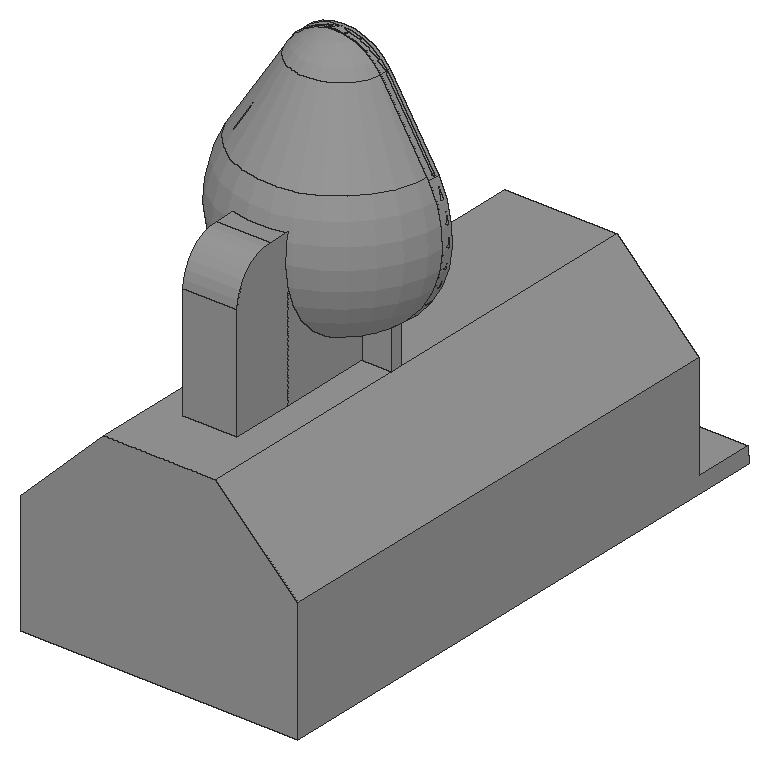
Revit family "Combination-Willoughby-ECW-1847-R-C-ON", category Plumbing Fixtures, Revit 2015
Parameters (values of type "Standard")
  Waste DIA = 2 3/8"
  Waste Connection = yes
  Vent Connection = no
  URL = "https://www.willoughby-ind.com/wp-content/uploads/2017/12/1847.pdf"
  Type Comments = ""
  Revision = "A"
  Lav Waste DIA = 1 1/2"
  Lav Waste Connection = yes
  HW Connection = no
  Flush Inlet DIA = 1 1/2"
  Flush Inlet Connection = yes
  Fixture Body = Stainless Steel AISI 304-Willoughby
  Model = "ECW-1847-R-C-ON"
  Manufacturer = "Willoughby Industries"
  Description = "1847 Combination Unit, Wall toilet waste outlet, Center toilet, Right Lav. Bowl, On Floor mounted"
  Default Elevation = 0' - 0"
  Contact = "(800) 428-4065"
  CW Connection = no
Reference planes (in)
  plane 1 "Center (Front/Back)": y = 0
  plane 2: z = 0
  plane 3 "Center (Left/Right)": x = 0
  plane 4: x = 3.59375
  plane 5: x = -3.59375
  plane 6: x = 9
  plane 7: x = -9
  plane 8: z = 7.9375
  plane 9: z = 13.25
  plane 10: z = 1.0625
  plane 11: x = -6.375
  plane 12: x = 2.25
  plane 13: y = 11.5
  plane 14: y = 15
  plane 15: y = 20.5
  plane 16: y = 24.5
  plane 17: z = 25.32253
  plane 18: z = 30.19753
  plane 19: x = 3
  plane 20: x = -3
  plane 21: z = -3
Forms (in)
  Extrusion 1, solid, material "Stainless Steel AISI 304-Willoughby" <- "Fixture Body"
    sketch origin (0, 0, 0) x (1, 0, 0) y (0, 0, 1)
      loop
        line (9, 0) -> (9, 7.9375) -> (3.6875, 13.25) -> (-3.59375, 13.25) -> (-9, 7.84375) -> (-9, 0) -> (9, 0)
    from 0 to -32.5
  Extrusion 2, solid, material "Stainless Steel AISI 304-Willoughby" <- "Fixture Body"
    sketch origin (0, 0, 0) x (1, 0, 0) y (0, 0, 1)
      loop
        line (9, 0) -> (9, 1.0625) -> (-9, 1.0625) -> (-9, 0) -> (9, 0)
    from -32.5 to -36.5
  Extrusion 3, void
    sketch origin (0, 0, 0) x (1, 0, 0) y (0, 0, 1)
      loop
        line (8.03033, 7.1394) -> (2.55026, 12.61861)
        arc (2.55026, 12.61861) -> (2.40417, 12.71659) -> (2.23166, 12.75101) r 0.44955
        line (2.23166, 12.75101) -> (0.18776, 12.75101)
        arc (0.18776, 12.75101) -> (-0.69647, 12.38474) -> (-1.06274, 11.50051) r 1.2505
        line (-1.06274, 11.50051) -> (-1.06274, 4.92717)
        arc (-1.06274, 4.92717) -> (-0.94854, 4.35308) -> (-0.62332, 3.86639) r 1.50011
        line (-0.62332, 3.86639) -> (0.06911, 3.1742)
        arc (0.06911, 3.1742) -> (0.6082, 2.81399) -> (1.24411, 2.6875) r 1.66169
        line (1.24411, 2.6875) -> (6.75, 2.6875)
        arc (6.75, 2.6875) -> (7.81066, 3.12684) -> (8.25, 4.1875) r 1.5
        line (8.25, 4.1875) -> (8.25, 6.60907)
        arc (8.25, 6.60907) -> (8.19291, 6.89609) -> (8.03033, 7.1394) r 0.75
    from -32.5 to -27
  Revolve 4, solid, material "Stainless Steel AISI 304-Willoughby" <- "Fixture Body"
    sketch origin (0, 11.5, -12.68404) x (0, 0, -1) y (-1, 0, 0)
      loop
        line (-9.68278, 0) -> (-14.18404, 0) -> (-14.18404, -1.1875) -> (-9.68278, -1.1875) -> (-9.68278, 0)
      axis (-14.18404, 0) -> (-9.68278, 0)
    angle from 0 to 360
  Revolve 5, solid, material "Stainless Steel AISI 304-Willoughby" <- "Fixture Body"
    sketch origin (0, 20.5, -12.68404) x (0, 0, -1) y (-1, 0, 0)
      loop
        line (-12.68215, 6.375) -> (-14.18404, 6.375) -> (-14.18404, 5.625) -> (-12.68215, 5.625) -> (-12.68215, 6.375)
      axis (-12.68215, 6.375) -> (-14.18404, 6.375)
    angle from 0 to 360
  Revolve 6, solid, material "Stainless Steel AISI 304-Willoughby" <- "Fixture Body"
    sketch origin (0, 24.5, -7.01223) x (0, 0, -1) y (-1, 0, 0)
      loop
        line (-4.01223, -2.25) -> (-8.51223, -2.25) -> (-8.51223, -3) -> (-4.01223, -3) -> (-4.01223, -2.25)
      axis (-4.01223, -2.25) -> (-8.51223, -2.25)
    angle from 0 to 360
  Revolve 7, solid, material "Stainless Steel AISI 304-Willoughby" <- "Fixture Body"
    sketch origin (0, 14.75, 9.06378) x (0, 0, -1) y (-1, 0, 0)
      loop
        arc (-16.25875, -6.02566) -> (-9.22764, -6.08019) -> (-5.69625, 0) r 7
        line (-5.69625, 0) -> (-6.19625, 0)
        arc (-6.19625, 0) -> (-9.4731, -5.64458) -> (-15.99973, -5.59794) r 6.5
        line (-15.99973, -5.59794) -> (-20.8721, -2.57392)
        arc (-20.8721, -2.57392) -> (-21.91777, -1.47245) -> (-22.28998, 0) r 3
        line (-22.28998, 0) -> (-22.79, 0)
        arc (-22.79, 0) -> (-22.35472, -1.71553) -> (-21.13577, -2.99875) r 3.5
        line (-21.13577, -2.99875) -> (-16.25875, -6.02566)
      axis (-22.79, 0) -> (-5.69625, 0)
    angle from 0 to 180
  Extrusion 8, solid, material "Stainless Steel AISI 304-Willoughby" <- "Fixture Body"
    sketch origin (0, 14.75, 8.84869) x (0, 0, -1) y (-1, 0, 0)
      loop
        arc (-16.31246, -6.11221) -> (-11.15584, -6.77641) -> (-6.96698, -3.69657) r 6.99024
        line (-6.96698, -3.69657) -> (-4.40074, -3.69657) -> (-4.40074, 3.65625) -> (-6.9421, 3.65625)
        arc (-6.9421, 3.65625) -> (-11.2049, 6.78845) -> (-16.44046, 6.03277) r 6.98205
        line (-16.44046, 6.03277) -> (-21.4104, 2.94819)
        arc (-21.4104, 2.94819) -> (-23.00527, 0) -> (-21.4104, -2.94819) r 3.52237
        line (-21.4104, -2.94819) -> (-16.31246, -6.11221)
      loop
        line (-20.34476, -1.63051) -> (-15.05004, -3.88749)
        arc (-15.05004, -3.88749) -> (-8.1517, 0) -> (-15.05004, 3.88749) r 4.54455
        line (-15.05004, 3.88749) -> (-20.34476, 1.63051)
        arc (-20.34476, 1.63051) -> (-21.22494, 0) -> (-20.34476, -1.63051) r 1.95034
    from 0.25 to -0.5
  Extrusion 9, solid, material "Stainless Steel AISI 304-Willoughby" <- "Fixture Body"
    sketch origin (0, 15, 14.26003) x (0, 1, 0) y (0, 0, 1)
      loop
        line (-6.77192, 9.05193) -> (-8.17415, 9.05193)
        arc (-8.17415, 9.05193) -> (-10.09199, 8.25753) -> (-10.88639, 6.33969) r 2.71224
        line (-10.88639, 6.33969) -> (-10.88639, -1.0106) -> (-6.77192, -1.0106) -> (-6.77192, 9.05193)
    from 1.75 to -1.75
  Extrusion 10, solid, material "Stainless Steel AISI 304-Willoughby" <- "Fixture Body"
    sketch origin (0, 15, 14.26003) x (0, 1, 0) y (0, 0, 1)
      loop
        line (-6.77192, -1.0106) -> (-0.75, -1.0106) -> (-0.75, 0.82799)
        arc (-0.75, 0.82799) -> (-4.5139, 2.48885) -> (-6.77192, 5.92785) r 7.26374
        line (-6.77192, 5.92785) -> (-6.77192, -1.0106)
    from 1.75 to -1.75
Cuts and joins
  Extrusion 3 cuts Extrusion 1
  joined: Extrusion 1, Extrusion 2
Lines and regions (in)
  symbolic lines
    curve 1: line (0, 0, 0) -> (0, 0, 13.25)
    curve 2: line (0, 0, 13.25) -> (0, 32.5, 13.25)
    curve 3: line (0, 32.5, 13.25) -> (0, 32.5, 1.0625)
    curve 4: line (0, 32.5, 1.0625) -> (0, 36.5, 1.0625)
    curve 5: line (0, 36.5, 1.0625) -> (0, 36.5, 0)
    curve 6: line (0, 36.5, 0) -> (0, 0, 0)
    curve 7: line (0, 4.11361, 13.25) -> (0, 4.11361, 20.59972)
    curve 8: arc (0, 4.11361, 20.59972) -> (0, 4.90801, 22.51756) -> (0, 6.82585, 23.31196) r 2.71224
    curve 9: line (0, 6.82585, 23.31196) -> (0, 7.92232, 23.31196)
    curve 10: arc (0, 7.92232, 23.31196) -> (0, 8.2464, 24.34793) -> (0, 8.72434, 25.32253) r 7.11348
    curve 11: line (0, 8.72434, 25.32253) -> (0, 11.94825, 30.48187)
    curve 12: arc (0, 11.94825, 30.48187) -> (0, 12.97805, 31.37103) -> (0, 14.25, 31.85395) r 3.91396
    curve 13: line (0, 14.25, 31.85395) -> (0, 15, 31.85395)
    curve 14: line (0, 15, 31.85395) -> (0, 15, 13.25)
    curve 15: line (0, 14.25, 13.25) -> (0, 14.25, 15.08802)
    curve 16: arc (0, 14.25, 15.08802) -> (0, 10.44594, 16.54783) -> (0, 8.22712, 19.96525) r 6.59074
    curve 17: arc (0, 8.22712, 19.96525) -> (0, 7.99317, 21.63108) -> (0, 8.16884, 23.30407) r 6.90717
    curve 18: line (0, 8.16884, 23.30407) -> (0, 7.91884, 23.30407)
    curve 19: line (8.03033, 0, 7.1394) -> (2.55025, 0, 12.61948)
    curve 20: arc (2.55025, 0, 12.61948) -> (2.40408, 0, 12.71703) -> (2.23166, 0, 12.75101) r 0.44906
    curve 21: line (2.23166, 0, 12.75101) -> (0.18776, 0, 12.75101)
    curve 22: arc (0.18776, 0, 12.75101) -> (-0.69647, 0, 12.38474) -> (-1.06274, 0, 11.50051) r 1.2505
    curve 23: line (-1.06274, 0, 11.50051) -> (-1.06274, 0, 4.92717)
    curve 24: arc (-1.06274, 0, 4.92717) -> (-0.94855, 0, 4.3531) -> (-0.62336, 0, 3.86643) r 1.50011
    curve 25: line (-0.62336, 0, 3.86643) -> (0.08378, 0, 3.15928)
    curve 26: arc (0.08378, 0, 3.15928) -> (0.61622, 0, 2.80602) -> (1.24411, 0, 2.6875) r 1.61124
    curve 27: arc (1.24411, 0, 2.6875) -> (3.99705, 0, 2.70545) -> (6.75, 0, 2.6875) r 211.16453
    curve 28: arc (6.75, 0, 2.6875) -> (7.81066, 0, 3.12684) -> (8.25, 0, 4.1875) r 1.5
    curve 29: arc (8.25, 0, 6.60907) -> (8.19291, 0, 6.89609) -> (8.03033, 0, 7.1394) r 0.75
    curve 30: line (8.25, 0, 4.1875) -> (8.25, 0, 6.60907)
    curve 31: line (-3.59375, 0, 13.25) -> (-9, 0, 7.84375)
    curve 32: line (-9, 0, 7.84375) -> (-9, 0, 0)
    curve 33: line (-9, 0, 0) -> (9, 0, 0)
    curve 34: line (9, 0, 0) -> (9, 0, 7.9375)
    curve 35: line (9, 0, 7.9375) -> (3.6875, 0, 13.25)
    curve 36: line (3.6875, 0, 13.25) -> (-3.59375, 0, 13.25)
    curve 37: line (3.6875, 0, 13.25) -> (3.6875, 0, 15.81005)
    curve 38: arc (3.6875, 0, 15.81005) -> (6.78998, 0, 20.09106) -> (6.02566, 0, 25.32253) r 7.01988
    curve 39: arc (6.02566, 0, 25.32253) -> (4.54183, 0, 27.77942) -> (2.99875, 0, 30.19955) r 118.14374
    curve 40: arc (2.99875, 0, 30.19955) -> (0, 0, 31.82036) -> (-2.99875, 0, 30.19955) r 3.58447
    curve 41: arc (-2.99875, 0, 30.19955) -> (-4.50737, 0, 27.82899) -> (-5.95383, 0, 25.42001) r 108.0434
    curve 42: arc (-5.95383, 0, 25.42001) -> (-6.73356, 0, 20.14524) -> (-3.65625, 0, 15.79079) r 7.16997
    curve 43: line (-3.65625, 0, 15.79079) -> (-3.65625, 0, 13.29079)
    curve 44: line (-9, 0, 0) -> (-9, 36.5, 0)
    curve 45: line (-9, 36.5, 0) -> (9, 36.5, 0)
    curve 46: line (9, 36.5, 0) -> (9, 0, 0)
    curve 47: line (9, 0, 0) -> (-9, 0, 0)
    curve 48: line (-9, 32.5, 0) -> (9, 32.5, 0)
    curve 49: line (-6.99724, 14.25, 0) -> (-6.99724, 15, 0)
    curve 50: line (-6.99724, 15, 0) -> (6.99885, 15, 0)
    curve 51: line (6.99885, 15, 0) -> (6.99885, 14.25, 0)
    curve 52: line (1.75, 8, 0) -> (1.75, 4.11361, 0)
    curve 53: line (1.75, 4.11361, 0) -> (-1.75, 4.11361, 0)
    curve 54: line (-1.75, 4.11361, 0) -> (-1.75, 8, 0)
    curve 55: arc (6.99885, 14.25, 0) -> (4.75888, 9.63614, 0) -> (0, 7.72347, 0) r 7.12219
    curve 56: arc (0, 7.72347, 0) -> (-4.8104, 9.58035, 0) -> (-6.99724, 14.25, 0) r 6.91244
Dimensions and locks (in)
  equal spacing: plane 4, plane 3 "Center (Left/Right)", plane 5
  plane 4 to plane 5 = 0' - 7 3/16"
  equal spacing: plane 6, plane 3 "Center (Left/Right)", plane 7
  plane 6 to plane 7 = 1' - 6"
  plane 6 to plane 3 "Center (Left/Right)" = 0' - 9"
  level to plane 9 = 1' - 1 1/4"
  level to plane 8 = 0' - 7 15/16"
  plane 6 to plane 12 = 0' - 6 3/4"
  plane 13 to plane 1 "Center (Front/Back)" = 0' - 11 1/2"
  plane 14 to plane 1 "Center (Front/Back)" = 1' - 3"
  plane 15 to plane 1 "Center (Front/Back)" = 1' - 8 1/2"
  plane 16 to plane 1 "Center (Front/Back)" = 2' - 0 1/2"
  locked: plane 1 "Center (Front/Back)" to plane 13 at 11.5
  plane 1 "Center (Front/Back)" to plane 15 = 1' - 8 1/2"
  locked: plane 1 "Center (Front/Back)" to plane 16 at 24.5
  locked: plane 1 "Center (Front/Back)" to plane 14 at 15
  locked: plane 1 "Center (Front/Back)" to cut or joined group of Extrusion 1, Extrusion 2, Extrusion 3 at 32.5
  locked: cut or joined group of Extrusion 1, Extrusion 2, Extrusion 3 to plane 1 "Center (Front/Back)" at 36.5
  locked: plane 7 to plane 6 at 18
  locked: plane 7 to plane 11 at 2.625
  plane 7 to plane 3 "Center (Left/Right)" = 0' - 9"
  locked: plane 12 to plane 6 at 6.75
  plane 19 to plane 20 = 0' - 6"
  aligned and locked: plane 6 to Extrusion 2
  aligned and locked: Extrusion 2 to plane 10
  aligned and locked: Extrusion 2 to plane 7
  aligned and locked: Extrusion 2 to level
Automatic sketch dimensions
  Extrusion 1 sketch curve to level = 0' - 0"
  Extrusion 1 sketch curve to plane 7 = 0' - 0"
  Extrusion 1 sketch curve to plane 5 = 0' - 0"
  Extrusion 1 sketch curve to plane 9 = 0' - 0"
  Extrusion 1 sketch curve to plane 6 = 0' - 0"
  Extrusion 1 sketch curve to plane 8 = 0' - 0"
  plane 4 to Extrusion 1 sketch curve = 0' - 0 3/32"
  Extrusion 1 sketch curve to plane 8 = 0' - 0 3/32"
  Extrusion 2 sketch curve to level = 0' - 0"
  Extrusion 2 sketch curve to plane 7 = 0' - 0"
  Extrusion 2 sketch curve to plane 6 = 0' - 0"
  Extrusion 2 sketch curve to plane 10 = 0' - 0"
  Extrusion 3 sketch curve to plane 3 "Center (Left/Right)" = 0' - 1.06274"
  Extrusion 3 sketch curve to plane 3 "Center (Left/Right)" = 0' - 0.62332"
  plane 3 "Center (Left/Right)" to Extrusion 3 sketch curve = 0' - 0.06911"
  plane 3 "Center (Left/Right)" to Extrusion 3 sketch curve = 0' - 0.18776"
  plane 3 "Center (Left/Right)" to Extrusion 3 sketch curve = 0' - 0.43738"
  Extrusion 3 sketch curve to Extrusion 3 sketch curve = 0' - 0.80673"
  Extrusion 3 sketch curve to plane 12 = 0' - 0.01834"
  plane 12 to Extrusion 3 sketch curve = 0' - 0.30026"
  Extrusion 3 sketch curve to plane 6 = 0' - 2 1/4"
  Extrusion 3 sketch curve to plane 6 = 0' - 1 1/2"
  Extrusion 3 sketch curve to Extrusion 3 sketch curve = 0' - 0.53033"
  Extrusion 3 sketch curve to Extrusion 3 sketch curve = 0' - 0.21967"
  Extrusion 3 sketch curve to plane 10 = 0' - 1 5/8"
  Extrusion 3 sketch curve to Extrusion 3 sketch curve = 0' - 0.4867"
  Extrusion 3 sketch curve to Extrusion 3 sketch curve = 0' - 0.69219"
  Extrusion 3 sketch curve to plane 8 = 0' - 1.32843"
  Extrusion 3 sketch curve to plane 9 = 0' - 1.74949"
  Extrusion 3 sketch curve to Extrusion 3 sketch curve = 0' - 0.44955"
  Revolve 4 sketch curve to plane 3 "Center (Left/Right)" = 0' - 0"  (x2)
  Revolve 4 sketch curve to plane 10 = 0' - 0 7/16"
  plane 3 "Center (Left/Right)" to Revolve 4 sketch curve = 0' - 1 3/16"
  Revolve 4 sketch curve to level = 0' - 3.00126"
  Revolve 4 sketch curve to Revolve 4 sketch curve = 0' - 0"
  Revolve 4 sketch curve to Revolve 4 sketch curve = 0' - 0.50126"
  Revolve 5 sketch curve to plane 11 = 0' - 0"  (x2)
  Revolve 5 sketch curve to plane 10 = 0' - 0 7/16"
  plane 11 to Revolve 5 sketch curve = 0' - 0 3/4"
  Revolve 5 sketch curve to level = 0' - 0.00189"
  Revolve 5 sketch curve to Revolve 5 sketch curve = 0' - 0"
  Revolve 5 sketch curve to Revolve 5 sketch curve = 0' - 2.49811"
  Revolve 7 sketch curve to Revolve 7 sketch curve = 0' - 0"  (x6)
  Revolve 7 sketch curve to plane 3 "Center (Left/Right)" = 0' - 0"  (x3)
  Revolve 7 sketch curve to plane 17 = 0' - 0"
  plane 3 "Center (Left/Right)" to Revolve 7 sketch curve = 0' - 0.02495"
  Revolve 7 sketch curve to plane 18 = 0' - 1.84366"
  Revolve 7 sketch curve to plane 18 = 0' - 0.26165"
  plane 18 to Revolve 7 sketch curve = 0' - 0.00202"
  plane 18 to Revolve 7 sketch curve = 0' - 1 5/32"
  Revolve 7 sketch curve to Revolve 7 sketch curve = 0' - 0 1/2"  (x2)
  Revolve 7 sketch curve to plane 17 = 0' - 0.25901"
  Revolve 7 sketch curve to plane 17 = 0' - 3 9/16"
  plane 9 to Revolve 7 sketch curve = 0' - 2.01003"
  Extrusion 8 sketch curve to plane 3 "Center (Left/Right)" = 0' - 0"  (x3)
  Extrusion 8 sketch curve to plane 4 = 0' - 0.64556"
  plane 9 to Extrusion 8 sketch curve = 1' - 5.00909"
  plane 5 to Extrusion 8 sketch curve = 0' - 0.64556"
  Extrusion 8 sketch curve to plane 12 = 0' - 0.61949"
  Extrusion 8 sketch curve to Extrusion 8 sketch curve = 0' - 1.06564"
  Extrusion 8 sketch curve to plane 3 "Center (Left/Right)" = 0' - 1.63051"
  Extrusion 8 sketch curve to Extrusion 8 sketch curve = 0' - 0.86186"
  Extrusion 8 sketch curve to Extrusion 8 sketch curve = 0' - 0.2083"
  plane 11 to Extrusion 8 sketch curve = 0' - 0.34223"
  Extrusion 8 sketch curve to Extrusion 8 sketch curve = 0' - 4.96994"
  plane 4 to Extrusion 8 sketch curve = 0' - 2.51846"
  Extrusion 8 sketch curve to Extrusion 8 sketch curve = 0' - 5.09794"
  Extrusion 8 sketch curve to plane 5 = 0' - 0.29374"
  Extrusion 8 sketch curve to Extrusion 8 sketch curve = 0' - 1.39042"
  plane 4 to Extrusion 8 sketch curve = 0' - 0.29374"
  plane 3 "Center (Left/Right)" to Extrusion 8 sketch curve = 0' - 0.00861"
  Extrusion 8 sketch curve to Extrusion 8 sketch curve = 0' - 2.14484"
  Extrusion 8 sketch curve to Extrusion 8 sketch curve = 0' - 0.00561"
  Extrusion 8 sketch curve to Extrusion 8 sketch curve = 0' - 0.20334"
  plane 4 to Extrusion 8 sketch curve = 0' - 0.10282"
  Extrusion 8 sketch curve to plane 5 = 0' - 0 1/16"
  plane 9 to Extrusion 8 sketch curve = 0' - 2.54079"
  Extrusion 8 sketch curve to plane 9 = 0' - 0.00057"
  Extrusion 9 sketch curve to plane 1 "Center (Front/Back)" = 0' - 4.11361"
  Extrusion 9 sketch curve to Extrusion 9 sketch curve = 0' - 2.71224"
  Extrusion 9 sketch curve to plane 9 = 0' - 0.00057"
  Extrusion 9 sketch curve to plane 13 = 0' - 3.27192"
  plane 9 to Extrusion 9 sketch curve = 0' - 7.34972"
  Extrusion 10 sketch curve to plane 9 = 0' - 0.00057"
  Extrusion 10 sketch curve to plane 13 = 0' - 3.27192"
  Extrusion 10 sketch curve to plane 14 = 0' - 0 3/4"
  plane 14 to Extrusion 10 sketch curve = 0' - 0.18041"
  plane 9 to Extrusion 10 sketch curve = 0' - 1.83802"
  plane 9 to Extrusion 10 sketch curve = 0' - 6.93788"
  curve 1 to level = 0' - 0"
  curve 1 to plane 1 "Center (Front/Back)" = 0' - 0"
  curve 7 to plane 9 = 0' - 0"
  curve 14 to plane 14 = 0' - 0"
  plane 10 to curve 3 = 0' - 0"
  curve 7 to plane 1 "Center (Front/Back)" = 0' - 4.11361"
  curve 7 to curve 8 = 0' - 2.71224"
  curve 9 to curve 9 = 0' - 1.09647"
  curve 9 to curve 11 = 0' - 0.80202"
  plane 13 to curve 11 = 0' - 0.44825"
  curve 15 to plane 14 = 0' - 0 3/4"
  curve 13 to curve 13 = 0' - 0 3/4"
  curve 16 to plane 14 = 0' - 0.40638"
  curve 10 to plane 14 = 0' - 0.14639"
  curve 10 to curve 17 = 0' - 0.04568"
  curve 12 to plane 14 = 0' - 0.01787"
  plane 16 to curve 3 = 0' - 8"
  curve 3 to curve 5 = 0' - 4"
  curve 15 to curve 15 = 0' - 1.83802"
  curve 7 to curve 7 = 0' - 7.34972"
  curve 16 to curve 16 = 0' - 6.58177"
  curve 16 to curve 10 = 0' - 0.04251"
  curve 10 to curve 17 = 0' - 0.03933"
  curve 17 to curve 12 = 0' - 6.25744"
  curve 12 to curve 11 = 0' - 2.47279"
  curve 18 to curve 10 = 0' - 0.00348"
  curve 9 to curve 18 = 0' - 0.24652"
  curve 17 to curve 16 = 0' - 0"
  curve 32 to plane 7 = 0' - 0"
  curve 36 to plane 5 = 0' - 0"
  curve 40 to plane 3 "Center (Left/Right)" = 0' - 0"
  curve 35 to plane 9 = 0' - 0"
  curve 35 to plane 6 = 0' - 0"
  curve 33 to level = 0' - 0"
  curve 34 to plane 8 = 0' - 0"
  curve 39 to level = 2' - 10.5222"
  curve 39 to plane 7 = 7' - 2.8397"
  curve 23 to plane 3 "Center (Left/Right)" = 0' - 1.06274"
  curve 25 to plane 3 "Center (Left/Right)" = 0' - 0.62336"
  curve 38 to plane 3 "Center (Left/Right)" = 0' - 0.02699"
  plane 3 "Center (Left/Right)" to curve 25 = 0' - 0.08378"
  plane 3 "Center (Left/Right)" to curve 22 = 0' - 0.18776"
  plane 3 "Center (Left/Right)" to curve 42 = 0' - 0.24063"
  plane 3 "Center (Left/Right)" to curve 24 = 0' - 0.43738"
  curve 24 to curve 26 = 0' - 0.78572"
  curve 21 to plane 12 = 0' - 0.01834"
  curve 20 to plane 12 = 0' - 0.01728"
  plane 12 to curve 19 = 0' - 0.30025"
  plane 4 to curve 35 = 0' - 0 3/32"
  plane 4 to curve 27 = 0' - 0.4033"
  curve 28 to plane 6 = 0' - 2 1/4"
  curve 29 to plane 6 = 0' - 1 1/2"
  curve 29 to curve 19 = 0' - 0.53033"
  curve 30 to plane 6 = 0' - 0 3/4"
  curve 41 to level = 2' - 4.98901"
  plane 6 to curve 41 = 6' - 6.38981"
  curve 27 to curve 41 = 14' - 11.47007"
  curve 25 to plane 10 = 0' - 2.09678"
  curve 25 to curve 25 = 0' - 0.70715"
  curve 30 to plane 10 = 0' - 3 1/8"
  curve 26 to curve 24 = 0' - 0.62857"
  curve 29 to plane 8 = 0' - 1.32843"
  curve 32 to plane 8 = 0' - 0 3/32"
  curve 23 to plane 9 = 0' - 1.74949"
  curve 20 to curve 20 = 0' - 0.44906"
  curve 35 to curve 37 = 0' - 2.56005"
  curve 37 to curve 38 = 0' - 5.95662"
  curve 38 to curve 42 = 0' - 0.04265"
  curve 42 to curve 40 = 0' - 6.42658"
  plane 11 to curve 42 = 0' - 0.42117"
  curve 41 to curve 42 = 0' - 0"
  curve 42 to plane 5 = 0' - 0 1/16"
  curve 40 to curve 41 = 0' - 0"
  curve 39 to curve 40 = 0' - 0"
  plane 9 to curve 43 = 0' - 0.04079"
  plane 1 "Center (Front/Back)" to curve 44 = 0' - 0"
  curve 44 to plane 7 = 0' - 0"
  curve 50 to plane 14 = 0' - 0"
  curve 55 to plane 3 "Center (Left/Right)" = 0' - 0"
  curve 46 to plane 6 = 0' - 0"
  curve 50 to plane 11 = 0' - 0.62224"
  curve 53 to plane 3 "Center (Left/Right)" = 0' - 1 3/4"
  curve 55 to plane 3 "Center (Left/Right)" = 0' - 0.09845"
  curve 56 to plane 3 "Center (Left/Right)" = 0' - 0.09555"
  curve 52 to plane 12 = 0' - 0 1/2"
  curve 52 to plane 1 "Center (Front/Back)" = 0' - 4.11361"
  curve 51 to plane 14 = 0' - 0 3/4"
  curve 56 to plane 14 = 0' - 0.36475"
  curve 55 to plane 14 = 0' - 0.15502"
  plane 16 to curve 45 = 1' - 0"
  curve 56 to curve 55 = 0' - 0"
  curve 55 to curve 54 = 0' - 0.27653"
  curve 55 to curve 52 = 0' - 0.27653"
  curve 48 to curve 45 = 0' - 4"
  Revolve 6 sketch curve to plane 12 = 0' - 0"  (x2)
  Revolve 6 sketch curve to plane 21 = 0' - 0"
  Revolve 6 sketch curve to plane 10 = 0' - 0 7/16"
  Revolve 6 sketch curve to plane 4 = 0' - 0 19/32"
  plane 21 to Revolve 6 sketch curve = 0' - 0 1/2"
  Revolve 6 sketch curve to Revolve 6 sketch curve = 0' - 0"
Connectors (in)
  piping at (0, 11.5, -3.00126), diameter 2.375, driven by "Waste Connection", driven by "Waste DIA"
    settings: on Revolve 4, index 1, connector inside diameter 24", connector length 0' - 0", flow factor 0, pipe flow 1.28 GPM, pressure drop 0.00 psi, fitting loss kfactor 0, connector angle 0.00°, fixture units 0, engagement length 0' - 0", angle of deflection 0.00°, flow configuration 0, flow direction 2, fitting loss method 0, system type 16, joint type 0, gender type 0, connector reference index -1, connector utility 1, adjustable connector no, is connector primary yes, connector description "Toilet Waste"
  piping at (-6.375, 20.5, -0.00189), diameter 1.5, driven by "Flush Inlet DIA", driven by "Flush Inlet Connection"
    settings: on Revolve 5, index 2, connector inside diameter 24", connector length 0' - 0", flow factor 0, pipe flow 0 GPM, pressure drop 0.00 psi, fitting loss kfactor 0, connector angle 0.00°, fixture units 0, engagement length 0' - 0", angle of deflection 0.00°, flow configuration 0, flow direction 1, fitting loss method 0, system type 20, joint type 0, gender type 0, connector reference index -1, connector utility 1, adjustable connector no, is connector primary no, connector description "Flush Inlet"
  piping at (2.25, 24.5, -3), diameter 1.5, driven by "Lav Waste DIA", driven by "Lav Waste Connection"
    settings: on Revolve 6, index 3, connector inside diameter 24", connector length 0' - 0", flow factor 0, pipe flow 0 GPM, pressure drop 0.00 psi, fitting loss kfactor 0, connector angle 0.00°, fixture units 0, engagement length 0' - 0", angle of deflection 0.00°, flow configuration 0, flow direction 2, fitting loss method 0, system type 16, joint type 0, gender type 0, connector reference index -1, connector utility 1, adjustable connector no, is connector primary no, connector description "Sink Waste"
